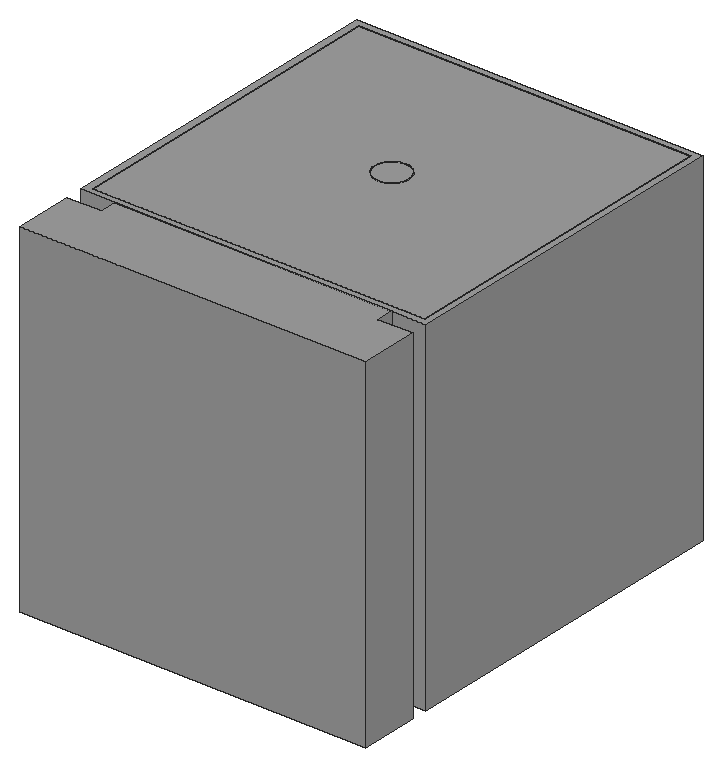
Revit family "Arandelade Parede - Quadrada", category Luminárias, Revit 2019
Family settings
  Hospedeiro = Parede
  Cota do conector redondo = Utilizar diâmetro
  Tipo de parte = Normal
  Número OmniClass = 23.80.70.00
  Título OmniClass = Lighting
  Sempre na vertical = Sim
  Corte com vazios quando carregada = Não
  Fonte luminosa = Sim
  Compartilhado = Não
  Ponto de cálculo do ambiente = Não
Parameters (values of type "Irradiando para baixo")
  Largura = 100 mm
  Wattage = 60 W
  built-in parameter 1150110 = 1 (stored number, unit not read)
  built-in parameter 1114217 = 1 (stored number, unit not read)
  built-in parameter 1150109 = 1 (stored number, unit not read)
  built-in parameter 1150134 = (empty or 0)
  built-in parameter 1150113 = 1 (stored number, unit not read)
  Material de sombra 4 = Metal - Aço inoxidável
  Material de sombra 3 = Metal - Aço inoxidável
  Material de sombra 2 = Vidro
  Material de sombra 1 = Vidro
  Lumens = 1080 lm
  built-in parameter 1150115 = 1 (stored number, unit not read)
  built-in parameter 1150105 = 85.944 (stored number, unit not read)
  Tamanho do símbolo da fonte luminosa = Largura  # 100 mm
  built-in parameter 1150137 = (empty or 0)
  built-in parameter 1150139 = (empty or 0)
  Material da luminária = Metal - Aço inoxidável
  built-in parameter 1150112 = 1 (stored number, unit not read)
  built-in parameter 1150114 = 1 (stored number, unit not read)
  built-in parameter 1150132 = (empty or 0)
  built-in parameter 1150102 = (empty or 0)
  built-in parameter 1150138 = (empty or 0)
  built-in parameter 1150107 = 3000 (stored number, unit not read)
  built-in parameter 1150106 = 0.85944 (stored number, unit not read)
  Altura = 100 mm
  built-in parameter 1150104 = 1.6723 (stored number, unit not read)
  Dimming Lamp Color Temperature Shift = (empty or 0)
  Color Filter = 16777215
  built-in parameter 1114218 = 1 (stored number, unit not read)
  built-in parameter 1150133 = 10 (stored number, unit not read)
Types (5, lengths in mm): name | Material de sombra 4 | Material de sombra 3 | Material de sombra 2 | Material de sombra 1
  Irradiando para cima | Vidro | Vidro | Metal - Aço inoxidável | Metal - Aço inoxidável
  Irradiando para baixo | Metal - Aço inoxidável | Metal - Aço inoxidável | Vidro | Vidro
  Irradiando para cima e para baixo 1 | Vidro | Vidro | Vidro | Vidro
  Irradiando para cima e para baixo 2 | Vidro | Metal - Aço inoxidável | Vidro | Vidro
  Irradiando para cima e para baixo 3 | Vidro | Vidro | Vidro | Metal - Aço inoxidável
Reference planes
  plane 1: y = 0
  plane 2 "Eixo de origem da luz (E/D)": x = 125
  plane 3 "Eixo da fonte de luz (F/T)": y = 147
  plane 4 "Elevação da origem da luz": z = 1800
  plane 5: z = 1850
  plane 6: z = 1750
  plane 7: x = 175
  plane 8: x = 75
  plane 9: y = 92
  plane 10: y = 197
  plane 11: y = 97
  plane 12: x = 85
  plane 13: x = 165
  plane 14: x = 77
  plane 15: y = 195
  plane 16: x = 173
  plane 17: y = 99
  plane 18: z = 1848
  plane 19: z = 1752
Forms (mm)
  Extrusion 1, solid, material "Metal - Aço inoxidável" <- "Material da luminária"
    sketch origin (0, 147, 0) x (1, 0, 0) y (0, 0, 1)
      loop
        line (175, 1850) -> (75, 1850) -> (75, 1750) -> (175, 1750) -> (175, 1850)
    from 55 to 72
  Extrusion 2, solid, material "Metal - Aço inoxidável" <- "Material da luminária"
    sketch origin (0, 0, 1800) x (1, 0, 0) y (0, 1, 0)
      loop
        line (85, 97) -> (85, 92) -> (165, 92) -> (165, 97) -> (85, 97)
    from -50 to 50
  Extrusion 3, solid, material "Metal - Aço inoxidável" <- "Material da luminária"
    sketch origin (0, 0, 1800) x (1, 0, 0) y (0, 1, 0)
      loop
        line (77, 195) -> (77, 99) -> (173, 99) -> (173, 195) -> (77, 195)
      loop
        line (75, 197) -> (75, 97) -> (175, 97) -> (175, 197) -> (75, 197)
    from -50 to 50
  Extrusion 4, solid, material "Metal - Aço inoxidável" <- "Material de sombra 3"
    sketch origin (0, 0, 1800) x (1, 0, 0) y (0, 1, 0)
      loop
        line (173, 195) -> (77, 195) -> (77, 99) -> (173, 99) -> (173, 195)
      loop
        circle (125, 147) r 5
    from 48 to 50
  Extrusion 5, solid, material "Vidro" <- "Material de sombra 1"
    sketch origin (0, 0, 1800) x (1, 0, 0) y (0, 1, 0)
      loop
        line (77, 195) -> (77, 99) -> (173, 99) -> (173, 195) -> (77, 195)
      loop
        circle (125, 147) r 5
    from -50 to -48
  Extrusion 6, solid, material "Metal - Aço inoxidável" <- "Material de sombra 4"
    sketch origin (0, 0, 1800) x (1, 0, 0) y (0, 1, 0)
      loop
        circle (125, 147) r 5
    from 48 to 50
  Extrusion 7, solid, material "Vidro" <- "Material de sombra 2"
    sketch origin (0, 0, 1800) x (1, 0, 0) y (0, 1, 0)
      loop
        circle (125, 147) r 5
    from -50 to -48
Cuts and joins
  joined: Extrusion 1, Extrusion 2
Text (mm)
  text "Lado da colocação" at (-1787.139, 1116.779, 0), in view "Nível de referência"
  text "Lado da colocação" at (0, 2110.396, 2986.058), in view "Esquerda"
  text "Lado da colocação" at (0, 628.478, 3011.967), in view "Direita"
Dimensions and locks
  equal spacing: plane 8, imposter light, plane 7
  "Largura": plane 8 to plane 7
  equal spacing: plane 6, plane 4 "Elevação da origem da luz", plane 5
  "Altura": plane 6 to plane 5
  locked: plane 17 to plane 11 at 2
  locked: plane 10 to plane 15 at 2
  locked: plane 8 to plane 14 at 2
  locked: plane 16 to plane 7 at 2
  locked: plane 8 to plane 12 at 10
  locked: plane 13 to plane 7 at 10
  locked: plane 11 to plane 9 at 5
  equal spacing: plane 8, plane 2 "Eixo de origem da luz (E/D)", plane 7
  locked: host wall to plane 9 at 17
  locked: plane 18 to plane 5 at 2
  locked: plane 6 to plane 19 at 2
  equal spacing: plane 15, plane 3 "Eixo da fonte de luz (F/T)", plane 17
  "Largura": plane 10 to plane 11
  aligned and locked: plane 1 to host wall
  aligned and locked: plane 2 "Eixo de origem da luz (E/D)" to imposter light
  aligned and locked: plane 3 "Eixo da fonte de luz (F/T)" to imposter light
  aligned and locked: plane 4 "Elevação da origem da luz" to imposter light
  aligned and locked: Extrusion 1 sketch curve to plane 5
  aligned and locked: plane 6 to Extrusion 1 sketch curve
  aligned and locked: Extrusion 1 sketch curve to plane 8
  aligned and locked: plane 7 to Extrusion 1 sketch curve
  aligned and locked: Extrusion 1 to host wall
  aligned and locked: Extrusion 2 to plane 12
  aligned and locked: plane 13 to Extrusion 2
  aligned and locked: plane 5 to Extrusion 2
  aligned and locked: Extrusion 2 to plane 6
  aligned and locked: plane 8 to cut or joined group of Extrusion 1, Extrusion 2
  aligned and locked: cut or joined group of Extrusion 1, Extrusion 2 to plane 7
  aligned and locked: cut or joined group of Extrusion 1, Extrusion 2 to plane 12  (x2)
  aligned and locked: plane 13 to cut or joined group of Extrusion 1, Extrusion 2  (x2)
  aligned and locked: plane 11 to cut or joined group of Extrusion 1, Extrusion 2
  aligned and locked: Extrusion 3 sketch curve to plane 15
  aligned and locked: Extrusion 3 sketch curve to plane 10
  aligned and locked: plane 14 to Extrusion 3 sketch curve
  aligned and locked: Extrusion 3 sketch curve to plane 8
  aligned and locked: Extrusion 3 sketch curve to plane 16
  aligned and locked: plane 7 to Extrusion 3 sketch curve
  aligned and locked: plane 17 to Extrusion 3 sketch curve
  aligned and locked: plane 11 to Extrusion 3 sketch curve
  aligned and locked: Extrusion 3 to plane 6
  aligned and locked: plane 5 to Extrusion 3
  aligned and locked: plane 8 to Extrusion 3
  aligned and locked: Extrusion 3 to plane 7  (x2)
  aligned and locked: plane 7 to cut or joined group of Extrusion 1, Extrusion 2
  aligned and locked: cut or joined group of Extrusion 1, Extrusion 2 to plane 8
  aligned and locked: plane 10 to Extrusion 3  (x2)
  aligned and locked: Extrusion 3 to plane 15  (x2)
  aligned and locked: plane 14 to Extrusion 3
  aligned and locked: Extrusion 3 to plane 16
  aligned and locked: plane 17 to Extrusion 3
  aligned and locked: plane 5 to Extrusion 4
  aligned and locked: Extrusion 4 to plane 18
  aligned and locked: plane 15 to Extrusion 5
  aligned and locked: Extrusion 5 to plane 14
  aligned and locked: plane 16 to Extrusion 5
  aligned and locked: Extrusion 5 to plane 17
  aligned and locked: Extrusion 5 to plane 6
  aligned and locked: plane 19 to Extrusion 5
  aligned and locked: cut or joined group of Extrusion 1, Extrusion 2 to plane 9
  aligned and locked: plane 5 to Extrusion 6
  aligned and locked: Extrusion 6 to plane 18
  aligned and locked: Extrusion 7 to plane 6
  aligned and locked: plane 19 to Extrusion 7
Automatic sketch dimensions
  plane 9 to Extrusion 2 sketch curve = 0 mm
  Extrusion 2 sketch curve to plane 11 = 0 mm
  Extrusion 2 sketch curve to plane 8 = 10 mm
  plane 7 to Extrusion 2 sketch curve = 10 mm
  Extrusion 4 sketch curve to plane 14 = 0 mm
  Extrusion 4 sketch curve to plane 2 "Eixo de origem da luz (E/D)" = 0 mm
  Extrusion 4 sketch curve to plane 15 = 0 mm
  Extrusion 4 sketch curve to plane 16 = 0 mm
  Extrusion 4 sketch curve to plane 17 = 0 mm
  plane 3 "Eixo da fonte de luz (F/T)" to Extrusion 4 sketch curve = 0 mm
  Extrusion 6 sketch curve to plane 2 "Eixo de origem da luz (E/D)" = 0 mm
  plane 3 "Eixo da fonte de luz (F/T)" to Extrusion 6 sketch curve = 0 mm
  Extrusion 5 sketch curve to plane 14 = 0 mm
  Extrusion 5 sketch curve to plane 2 "Eixo de origem da luz (E/D)" = 0 mm
  Extrusion 5 sketch curve to plane 15 = 0 mm
  Extrusion 5 sketch curve to plane 16 = 0 mm
  Extrusion 5 sketch curve to plane 17 = 0 mm
  plane 3 "Eixo da fonte de luz (F/T)" to Extrusion 5 sketch curve = 0 mm
  Extrusion 7 sketch curve to plane 2 "Eixo de origem da luz (E/D)" = 0 mm
  plane 3 "Eixo da fonte de luz (F/T)" to Extrusion 7 sketch curve = 0 mm
  radius of Extrusion 4 sketch curve = 5 mm
  radius of Extrusion 6 sketch curve = 5 mm
  radius of Extrusion 5 sketch curve = 5 mm
  radius of Extrusion 7 sketch curve = 5 mm
